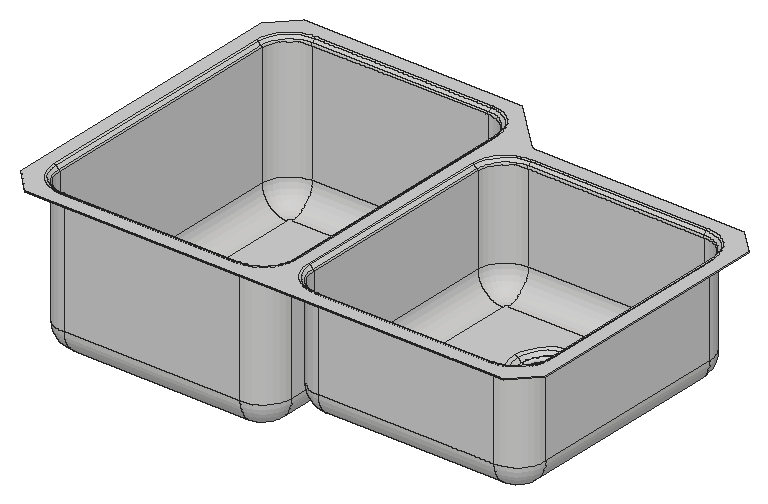
Revit family "Sink-Undermount-Kitchen-KOHLER-Undertone-K-3177", category Plumbing Fixtures, host Face, Revit 2017
Family settings
  Host = Face
  Round Connector Dimension = Use Diameter
  Part Type = Normal
  OmniClass Number = 23.31.13.00
  OmniClass Title = Sinks
  Cut with Voids When Loaded = No
  Shared = No
  Room Calculation Point = No
Parameters (values of type "NA-Stainless Steel")
  Width = 31 1/2"  # constant formula
  WaterSense Certified = 1 = 0  # no
  Waste Water Outlet 2 = "Waste Water Outlet 2"  # constant formula
  Waste Water Outlet 1 = "Waste Water Outlet 1"  # constant formula
  Waste Connection = 1 = 1  # yes
  Vent Connection = 1 = 0  # no
  URL = "https://www.us.kohler.com/us/"
  Type = 1
  Product Page URL = "http://www.us.kohler.com/us/catalog/productDetails.jsp?productId=3177"
  Product Name = "Undertone"  # constant formula
  Product Documentation Link = "https://www.us.kohler.com/webassets/kpna/catalog/pdf/en/K-3177_spec_US-CA_Kohler_en.pdf"
  Model = "K-3177-NA"  # constant formula
  Material = "Premium 18-gauge stainless steel"  # constant formula
  Master Format 2014 Name = "Residential Lavatories and Sinks"  # constant formula
  Master Format 2014 = "22 41 16"  # constant formula
  Manufacturer Address = "444 Highland Dr, Kohler, WI 53044"  # constant formula
  Manufacturer = "KOHLER Co."  # constant formula
  Length = 20 7/8"  # constant formula
  Hot Water Inlet = "Hot Water Inlet"  # constant formula
  Height = 9 1/2"  # constant formula
  HW Connection = 1 = 0  # no
  Finish = Kohler-Metal-NA-Stainless
  Environmental Product Declaration = ""
  Drain Included = 1 = 0  # no
  Description = "31-1/2 inch x 20-7/8 inch x 9-1/2 inch Undermount large/medium double-bowl kitchen sink"  # constant formula
  Default Elevation = 36"
  Declare Label = ""
  Date Modified = "12/22/2020"  # constant formula
  Date Created = "12/22/2020"  # constant formula
  Copyright = "Copyright KOHLER Co."  # constant formula
  Contact Us = "https://www.us.kohler.com/us/static/contact.jsp"
  Cold Water Inlet = "Cold Water Inlet"  # constant formula
  CW Connection = 1 = 0  # no
  Assembly Code = "D2010400"
  ADA Compliant = 1 = 0  # no
Reference planes (in)
  plane 1 "Center (Front/Back)": y = 0
  plane 2: z = 0
  plane 3 "Center (Left/Right)": x = 0
  plane 4: y = 10.4375
  plane 5: y = -10.4375
  plane 6: x = 15.75
  plane 7: x = -15.75
  plane 8: y = 7.5625
  plane 9: y = 9.3125
  plane 10: y = -9.3125
  plane 11: x = 14.625
  plane 12: x = -14.625
  plane 13: y = 1.4375
  plane 14: x = -7.625
  plane 15: x = 7.625
  plane 16: z = -10.5
  plane 17: z = -13.452
  plane 18: z = -11.45223
  plane 19: z = -8.5
  plane 20: z = -1
  plane 21: z = -1.048
Forms (in)
  Extrusion 1, void
    sketch origin (0, 0, 0) x (1, 0, 0) y (0, 1, 0)
      loop
        line (-14.35, 10.4375) -> (-15.75, 9.0375) -> (-15.75, -9.0425) -> (-14.35, -10.4425) -> (14.35, -10.4425) -> (15.75, -9.0425) -> (15.75, 6.1575) -> (14.35, 7.5575) -> (2.04421, 7.5575)
        arc (2.04421, 7.5575) -> (1.66153, 7.63362) -> (1.33711, 7.85039) r 1
        line (1.33711, 7.85039) -> (-1.25, 10.4375) -> (-14.35, 10.4375)
    from -13.452 to -1
  Extrusion 2, void
    sketch origin (0, 0, 0) x (1, 0, 0) y (0, 1, 0)
      loop
        arc (-12.86606, 9.35267) -> (-14.11769, 8.83423) -> (-14.63613, 7.5826) r 1.77007
        line (-14.63613, 7.5826) -> (-14.63613, -7.55991)
        arc (-14.63613, -7.55991) -> (-14.12212, -8.80084) -> (-12.88119, -9.31485) r 1.75494
        line (-12.88119, -9.31485) -> (12.87406, -9.31485)
        arc (12.87406, -9.31485) -> (14.11216, -8.80202) -> (14.625, -7.56391) r 1.75094
        line (14.625, -7.56391) -> (14.625, 4.67568)
        arc (14.625, 4.67568) -> (14.11244, 5.91312) -> (12.875, 6.42568) r 1.75
        line (12.875, 6.42568) -> (0.62399, 6.42568)
        arc (0.62399, 6.42568) -> (-0.24306, 6.77528) -> (-0.62512, 7.62852) r 1.25
        arc (-0.62512, 7.62852) -> (-1.13011, 8.84768) -> (-2.34927, 9.35267) r 1.72415
        line (-2.34927, 9.35267) -> (-12.86606, 9.35267)
    from -1 to 2.19289
Dimensions and locks (in)
  "Length": plane 5 to plane 4
  "Width": plane 7 to plane 6
  plane 13 to plane 4 = 9"
  plane 13 to plane 8 = 6 1/8"
  plane 5 to plane 8 = 18"
  plane 14 to plane 15 = 15 1/4"
  locked: level to plane 20 at 1
  "Height": plane 20 to plane 16
  locked: plane 20 to plane 19 at 7.5
  plane 9 to plane 4 = 1 1/8"
  plane 16 to plane 20 = 9 1/2"
  aligned and locked: plane 2 to host face
  aligned and locked: level to host face
Automatic sketch dimensions
  host sketch curve to host sketch curve = 96"  (x2)
  Extrusion 1 sketch curve to plane 7 = 0"
  plane 4 to Extrusion 1 sketch curve = 0"
  Extrusion 1 sketch curve to plane 6 = 0"
  Extrusion 1 sketch curve to plane 12 = 0.275"  (x2)
  Extrusion 1 sketch curve to plane 5 = 0.005"
  Extrusion 1 sketch curve to plane 3 "Center (Left/Right)" = 1 1/4"
  Extrusion 1 sketch curve to plane 8 = 0.28789"
  plane 3 "Center (Left/Right)" to Extrusion 1 sketch curve = 1.33711"
  Extrusion 1 sketch curve to Extrusion 1 sketch curve = 0.70711"
  plane 11 to Extrusion 1 sketch curve = 0.275"  (x2)
  plane 8 to Extrusion 1 sketch curve = 0.005"
  Extrusion 1 sketch curve to plane 10 = 0.27"  (x2)
  plane 8 to Extrusion 1 sketch curve = 1.405"
  plane 9 to Extrusion 1 sketch curve = 0.275"
  Extrusion 2 sketch curve to plane 11 = 0"
  plane 8 to Extrusion 2 sketch curve = 1.13682"
  plane 11 to Extrusion 2 sketch curve = 1 3/4"
  plane 10 to Extrusion 2 sketch curve = 0.00235"
  plane 11 to Extrusion 2 sketch curve = 1.75094"
  plane 3 "Center (Left/Right)" to Extrusion 2 sketch curve = 0.62399"
  Extrusion 2 sketch curve to plane 8 = 0.06602"
  Extrusion 2 sketch curve to plane 3 "Center (Left/Right)" = 2.34927"
  Extrusion 2 sketch curve to plane 9 = 0.04017"
  Extrusion 2 sketch curve to plane 12 = 1.75894"
  Extrusion 2 sketch curve to plane 12 = 1.74381"
  plane 12 to Extrusion 2 sketch curve = 0.01113"
Nested families (in)
  nested 1: "K-3177" at (0, 0, 0), type "K-3177"
Connectors (in)
  piping at (-7.625, 1.4375, -13.45261), diameter 1.5, driven by "Waste Connection", driven by "Waste Water Outlet 1"
    settings: on nested 1, index 1, connector inside diameter 24", connector length 0", flow factor 0, pipe flow 0 GPM, pressure drop 0.00 psi, fitting loss kfactor 0, connector angle 0.00°, fixture units 0, engagement length 0", angle of deflection 0.00°, flow configuration 0, flow direction 2, fitting loss method 0, system type 16, joint type 0, gender type 0, connector reference index -1, connector utility 1, adjustable connector no, is connector primary yes, connector description "Waste Water Outlet 1"
  piping at (7.625, 1.4375, -11.45606), diameter 1.5, driven by "Waste Connection", driven by "Waste Water Outlet 2"
    settings: on nested 1, index 2, connector inside diameter 24", connector length 0", flow factor 0, pipe flow 0 GPM, pressure drop 0.00 psi, fitting loss kfactor 0, connector angle 0.00°, fixture units 0, engagement length 0", angle of deflection 0.00°, flow configuration 0, flow direction 2, fitting loss method 0, system type 16, joint type 0, gender type 0, connector reference index -1, connector utility 1, adjustable connector no, is connector primary no, connector description "Waste Water Outlet 2"
Definition of nested family "K-3177"
  Parameters (values of type "K-3177")
    Material = none
  Reference planes (in)
    plane 1 "Center (Front/Back)": y = 0
    plane 2: z = 0
    plane 3 "Center (Left/Right)": x = 0
    plane 4: y = 10.4375
    plane 5: y = -10.4375
    plane 6: x = -15.75
    plane 7: x = 15.75
    plane 8: z = -1
    plane 9: z = -1.048
    plane 10: z = -10.5
    plane 11: z = -8.5
    plane 12: y = 7.5625
    plane 13: x = -7.625
    plane 14: x = 7.625
    plane 15: y = 1.4375
    plane 16: y = 9.3125
    plane 17: y = -9.3125
    plane 18: x = 14.625
    plane 19: x = -14.625
    plane 20: z = -13.452
    plane 21: z = -11.45223
  Forms (in)
    Sweep 1, solid, material <- "Material", detail levels medium+fine
      path origin (0, 0, 0) x (1, 0, 0) y (0, 1, 0)
        loop
          arc (-12.89273, 9.62711) -> (-14.34009, 9.02759) -> (-14.93961, 7.58023) r 2.04688
          line (-14.93961, 7.58023) -> (-14.93961, -7.58523)
          arc (-14.93961, -7.58523) -> (-14.34009, -9.03259) -> (-12.89273, -9.63211) r 2.04688
          line (-12.89273, -9.63211) -> (-2.35727, -9.63211)
          arc (-2.35727, -9.63211) -> (-0.90991, -9.03259) -> (-0.31039, -7.58523) r 2.04688
          line (-0.31039, -7.58523) -> (-0.31039, 7.58023)
          arc (-0.31039, 7.58023) -> (-0.90991, 9.02759) -> (-2.35727, 9.62711) r 2.04688
          line (-2.35727, 9.62711) -> (-12.89273, 9.62711)
      profile origin (-7.625, -9.63211, 0) x (0, -1, 0) y (0, 0, 1)
        loop
          arc (-0.12856, -1.07883) -> (-0.09441, -1.05601) -> (-0.05412, -1.048) r 0.10527
          line (-0.05412, -1.048) -> (0.01285, -1.048) -> (0.01285, -1) -> (-0.053, -1)
          arc (-0.053, -1) -> (-0.11122, -1.01158) -> (-0.16058, -1.04456) r 0.15215
          line (-0.16058, -1.04456) -> (-0.32041, -1.20439)
          arc (-0.32041, -1.20439) -> (-0.35451, -1.25543) -> (-0.36648, -1.31563) r 0.15732
          line (-0.36648, -1.31563) -> (-0.36648, -8.56687)
          arc (-0.36648, -8.56687) -> (-0.80582, -9.62754) -> (-1.86648, -10.06687) r 1.5
          line (-1.86648, -10.06687) -> (-2.03937, -10.06687) -> (-2.03937, -10.11449) -> (-1.85522, -10.11449)
          arc (-1.85522, -10.11449) -> (-0.76938, -9.66472) -> (-0.31961, -8.57888) r 1.53561
          line (-0.31961, -8.57888) -> (-0.31961, -1.31563)
          arc (-0.31961, -1.31563) -> (-0.3112, -1.27336) -> (-0.28726, -1.23753) r 0.11044
          line (-0.28726, -1.23753) -> (-0.12856, -1.07883)
    Sweep 2, solid, material <- "Material", detail levels medium+fine
      path origin (0, 0, 0) x (1, 0, 0) y (0, 1, 0)
        loop
          arc (2.35727, 6.74711) -> (0.90991, 6.14759) -> (0.31039, 4.70023) r 2.04688
          line (0.31039, 4.70023) -> (0.31039, -7.58628)
          arc (0.31039, -7.58628) -> (0.9096, -9.0329) -> (2.35622, -9.63211) r 2.04583
          line (2.35622, -9.63211) -> (12.89273, -9.63211)
          arc (12.89273, -9.63211) -> (14.34009, -9.03259) -> (14.93961, -7.58523) r 2.04688
          line (14.93961, -7.58523) -> (14.93961, 4.70023)
          arc (14.93961, 4.70023) -> (14.34009, 6.14759) -> (12.89273, 6.74711) r 2.04688
          line (12.89273, 6.74711) -> (2.35727, 6.74711)
      profile origin (14.93961, -1.4425, 0) x (1, 0, 0) y (0, 0, 1)
        loop
          arc (-0.12328, -1.07855) -> (-0.08944, -1.05594) -> (-0.04952, -1.048) r 0.1043
          line (-0.04952, -1.048) -> (0.06705, -1.048) -> (0.06705, -1) -> (-0.0484, -1)
          arc (-0.0484, -1) -> (-0.10625, -1.01151) -> (-0.1553, -1.04428) r 0.15118
          line (-0.1553, -1.04428) -> (-0.31675, -1.20573)
          arc (-0.31675, -1.20573) -> (-0.34986, -1.25528) -> (-0.36148, -1.31373) r 0.15272
          line (-0.36148, -1.31373) -> (-0.36148, -6.58121)
          arc (-0.36148, -6.58121) -> (-0.79873, -7.63682) -> (-1.85433, -8.07406) r 1.49285
          line (-1.85433, -8.07406) -> (-2.01167, -8.07406) -> (-2.01167, -8.12093) -> (-1.85433, -8.12093)
          arc (-1.85433, -8.12093) -> (-0.76558, -7.66996) -> (-0.31461, -6.58121) r 1.53972
          line (-0.31461, -6.58121) -> (-0.31461, -1.31373)
          arc (-0.31461, -1.31373) -> (-0.30655, -1.27322) -> (-0.28361, -1.23888) r 0.10585
          line (-0.28361, -1.23888) -> (-0.12328, -1.07855)
    Extrusion 3, solid, material <- "Material", detail levels medium+fine
      sketch origin (0, 0, 0) x (1, 0, 0) y (0, 1, 0)
        loop
          line (-14.35, 10.4375) -> (-15.75, 9.0375) -> (-15.75, -9.0425) -> (-14.35, -10.4425) -> (14.35, -10.4425) -> (15.75, -9.0425) -> (15.75, 6.1575) -> (14.35, 7.5575) -> (2.04421, 7.5575)
          arc (2.04421, 7.5575) -> (1.66153, 7.63362) -> (1.33711, 7.85039) r 1
          line (1.33711, 7.85039) -> (-1.25, 10.4375) -> (-14.35, 10.4375)
        loop
          line (-2.35727, 9.63996) -> (-12.89273, 9.63996)
          arc (-12.89273, 9.63996) -> (-14.34918, 9.03668) -> (-14.95246, 7.58023) r 2.05973
          line (-14.95246, 7.58023) -> (-14.95246, -7.58523)
          arc (-14.95246, -7.58523) -> (-14.34918, -9.04168) -> (-12.89273, -9.64496) r 2.05973
          line (-12.89273, -9.64496) -> (-2.35727, -9.64496)
          arc (-2.35727, -9.64496) -> (-0.90082, -9.04168) -> (-0.29754, -7.58523) r 2.05973
          line (-0.29754, -7.58523) -> (-0.29754, 7.58023)
          arc (-0.29754, 7.58023) -> (-0.90082, 9.03668) -> (-2.35727, 9.63996) r 2.05973
        loop
          line (0.24334, 4.70023) -> (0.24334, -7.58628)
          arc (0.24334, -7.58628) -> (0.86219, -9.08031) -> (2.35622, -9.69916) r 2.11288
          line (2.35622, -9.69916) -> (12.89273, -9.69916)
          arc (12.89273, -9.69916) -> (14.3875, -9.08) -> (15.00666, -7.58523) r 2.11392
          line (15.00666, -7.58523) -> (15.00666, 4.70023)
          arc (15.00666, 4.70023) -> (14.3875, 6.195) -> (12.89273, 6.81416) r 2.11392
          line (12.89273, 6.81416) -> (2.35727, 6.81416)
          arc (2.35727, 6.81416) -> (0.8625, 6.195) -> (0.24334, 4.70023) r 2.11392
      from -1.048 to -1
    Revolve 4, solid, material <- "Material", detail levels medium+fine
      sketch origin (-30.52316, 1.4375, 48) x (-1, 0, 0) y (0, 0, 1)
        loop
          line (-20.50727, -58.23141) -> (-22.89816, -58.23141) -> (-22.89816, -61.452) -> (-22.03196, -61.452)
          arc (-22.03196, -61.452) -> (-21.94265, -61.41501) -> (-21.90566, -61.32571) r 0.12629
          line (-21.90566, -61.32571) -> (-21.90566, -60.962) -> (-21.98595, -60.962) -> (-21.95951, -60.94416) -> (-22.01696, -60.90541) -> (-21.95951, -60.86666) -> (-22.01632, -60.82833) -> (-21.95951, -60.79001) -> (-21.95951, -60.51905)
          arc (-21.95951, -60.51905) -> (-21.89194, -60.30478) -> (-21.7137, -60.168) r 0.37358
          line (-21.7137, -60.168) -> (-21.33655, -60.03073)
          arc (-21.33655, -60.03073) -> (-21.27891, -59.98588) -> (-21.25839, -59.91579) r 0.11885
          line (-21.25839, -59.91579) -> (-21.21412, -59.87153) -> (-21.21412, -59.762) -> (-20.60798, -59.762) -> (-20.64948, -59.52666)
          arc (-20.64948, -59.52666) -> (-20.67624, -59.48031) -> (-20.72653, -59.462) r 0.07825
          line (-20.72653, -59.462) -> (-21.21412, -59.462) -> (-21.21412, -59.24387) -> (-20.64816, -59.24387) -> (-20.64816, -59.12387) -> (-21.21412, -59.12387) -> (-21.21412, -58.86825) -> (-20.64816, -58.86825) -> (-20.64816, -58.74325) -> (-21.21412, -58.74325) -> (-21.21412, -58.5) -> (-21.02603, -58.5) -> (-20.61426, -58.35012)
          arc (-20.61426, -58.35012) -> (-20.59859, -58.34144) -> (-20.58637, -58.32834) r 0.05726
          line (-20.58637, -58.32834) -> (-20.5413, -58.26152)
          arc (-20.5413, -58.26152) -> (-20.5262, -58.2443) -> (-20.50727, -58.23141) r 0.09077
        axis (-22.89816, -61.452) -> (-22.89816, -58.23141)
      angle from 0 to 360
    Blend 5, solid, material <- "Material", detail levels medium+fine
      base sketch origin (0, 0, 0) x (1, 0, 0) y (0, 1, 0)
        loop
          circle (-7.625, 1.4375) r 2.38433
      top sketch origin (0, 0, 0) x (1, 0, 0) y (0, 1, 0)
        loop
          line (-12.95324, -7.64574) -> (-2.29676, -7.64574) -> (-2.29676, 7.64074) -> (-12.95324, 7.64074) -> (-12.95324, -7.64574)
      from -10.24703 to -10.09414
    Revolve 6, void
      sketch origin (-45.77316, 1.4375, 46) x (-1, 0, 0) y (0, 0, 1)
        loop
          line (-39.74236, -56.55969) -> (-39.74236, -57.7686)
          arc (-39.74236, -57.7686) -> (-39.70591, -57.89009) -> (-39.60861, -57.97146) r 0.22072
          line (-39.60861, -57.97146) -> (-39.11128, -58.1847) -> (-38.96946, -58.47547) -> (-38.946, -58.81093) -> (-38.90765, -58.89316) -> (-38.86284, -59.212) -> (-38.14816, -59.212) -> (-38.14816, -55.83943) -> (-40.39816, -55.83943) -> (-40.39816, -56.06687) -> (-40.27427, -56.06687)
          arc (-40.27427, -56.06687) -> (-40.1786, -56.08591) -> (-40.09749, -56.1401) r 0.25
          line (-40.09749, -56.1401) -> (-39.78793, -56.44966)
          arc (-39.78793, -56.44966) -> (-39.7542, -56.50014) -> (-39.74236, -56.55969) r 0.15561
        axis (-38.14816, -59.212) -> (-38.14816, -55.83943)
      angle from 0 to 360
    Extrusion 7, solid, material <- "Material", detail levels medium+fine
      sketch origin (0, 0, 0) x (1, 0, 0) y (0, 1, 0)
        loop
          line (-2.29676, 7.64074) -> (-12.95324, 7.64074) -> (-12.95324, -7.64574) -> (-2.29676, -7.64574) -> (-2.29676, 7.64074)
      from -10.11449 to -10.06687
    Revolve 8, solid, detail levels medium+fine
      sketch origin (-30.52316, 1.4375, 48.15625) x (-1, 0, 0) y (0, 0, 1)
        loop
          line (-22.89926, -58.45487) -> (-22.89926, -59.37683) -> (-21.50298, -59.37683)
          arc (-21.50298, -59.37683) -> (-21.41658, -59.34236) -> (-21.37764, -59.25788) r 0.12552
          line (-21.37764, -59.25788) -> (-21.34575, -58.64957)
          arc (-21.34575, -58.64957) -> (-21.30721, -58.56595) -> (-21.22168, -58.53183) r 0.12424
          line (-21.22168, -58.53183) -> (-21.16729, -58.53183)
          arc (-21.16729, -58.53183) -> (-21.14838, -58.51292) -> (-21.16729, -58.49402) r 0.01891
          line (-21.16729, -58.49402) -> (-21.20833, -58.49402)
          arc (-21.20833, -58.49402) -> (-21.32398, -58.54016) -> (-21.37611, -58.65323) r 0.16801
          line (-21.37611, -58.65323) -> (-21.40782, -59.25832)
          arc (-21.40782, -59.25832) -> (-21.4368, -59.32118) -> (-21.50109, -59.34683) r 0.09339
          line (-21.50109, -59.34683) -> (-22.75083, -59.34683) -> (-22.75083, -58.68887)
          arc (-22.75083, -58.68887) -> (-22.73894, -58.66015) -> (-22.71022, -58.64826) r 0.04061
          line (-22.71022, -58.64826) -> (-22.55867, -58.64826)
          arc (-22.55867, -58.64826) -> (-22.53377, -58.63795) -> (-22.52346, -58.61305) r 0.03521
          line (-22.52346, -58.61305) -> (-22.52346, -58.53345)
          arc (-22.52346, -58.53345) -> (-22.53219, -58.50843) -> (-22.5546, -58.49427) r 0.04022
          arc (-22.5546, -58.49427) -> (-22.72581, -58.46475) -> (-22.89926, -58.45487) r 1.52712
        axis (-22.89926, -59.37683) -> (-22.89926, -58.45487)
      angle from 0 to 360
    Extrusion 9, void
      sketch origin (0, 0, 0) x (1, 0, 0) y (0, 1, 0)
        loop
          circle (-7.62598, 2.75349) r 0.09488
        loop
          circle (-7.91138, 2.72349) r 0.09488
        loop
          circle (-8.17961, 2.62587) r 0.09488
        loop
          circle (-8.42914, 2.46994) r 0.09488
        loop
          circle (-8.6281, 2.27099) r 0.09488
        loop
          circle (-8.77516, 2.02623) r 0.09488
        loop
          circle (-8.87157, 1.76136) r 0.09488
        loop
          circle (-8.9074, 1.46953) r 0.09488
        loop
          circle (-8.57977, 1.46953) r 0.09488
        loop
          circle (-8.52796, 1.76864) r 0.09488
        loop
          circle (-8.3977, 2.03569) r 0.09488
        loop
          circle (-8.18723, 2.24616) r 0.09488
        loop
          circle (-7.9246, 2.3837) r 0.09488
        loop
          circle (-7.625, 2.43) r 0.09488
        loop
          circle (-7.625, 2.09695) r 0.09488
        loop
          circle (-7.93704, 2.01334) r 0.09488
        loop
          circle (-8.16644, 1.78395) r 0.09488
        loop
          circle (-8.25009, 1.47176) r 0.09488
        loop
          circle (-7.33862, 2.72349) r 0.09488
        loop
          circle (-7.07039, 2.62587) r 0.09488
        loop
          circle (-6.82086, 2.46994) r 0.09488
        loop
          circle (-6.6219, 2.27099) r 0.09488
        loop
          circle (-6.47484, 2.02623) r 0.09488
        loop
          circle (-6.37843, 1.76136) r 0.09488
        loop
          circle (-6.3426, 1.46953) r 0.09488
        loop
          circle (-6.67023, 1.46953) r 0.09488
        loop
          circle (-6.72204, 1.76864) r 0.09488
        loop
          circle (-6.8523, 2.03569) r 0.09488
        loop
          circle (-7.06277, 2.24616) r 0.09488
        loop
          circle (-7.3254, 2.3837) r 0.09488
        loop
          circle (-7.31296, 2.01334) r 0.09488
        loop
          circle (-7.08356, 1.78395) r 0.09488
        loop
          circle (-6.99991, 1.47176) r 0.09488
        loop
          circle (-7.62598, 0.12151) r 0.09488
        loop
          circle (-7.91138, 0.15151) r 0.09488
        loop
          circle (-8.17961, 0.24913) r 0.09488
        loop
          circle (-8.42914, 0.40506) r 0.09488
        loop
          circle (-8.6281, 0.60401) r 0.09488
        loop
          circle (-8.77516, 0.84877) r 0.09488
        loop
          circle (-8.87157, 1.11364) r 0.09488
        loop
          circle (-8.52796, 1.10636) r 0.09488
        loop
          circle (-8.3977, 0.83931) r 0.09488
        loop
          circle (-8.18723, 0.62884) r 0.09488
        loop
          circle (-7.9246, 0.4913) r 0.09488
        loop
          circle (-7.625, 0.445) r 0.09488
        loop
          circle (-7.625, 0.77805) r 0.09488
        loop
          circle (-7.93704, 0.86166) r 0.09488
        loop
          circle (-8.16644, 1.09105) r 0.09488
        loop
          circle (-7.33862, 0.15151) r 0.09488
        loop
          circle (-7.07039, 0.24913) r 0.09488
        loop
          circle (-6.82086, 0.40506) r 0.09488
        loop
          circle (-6.6219, 0.60401) r 0.09488
        loop
          circle (-6.47484, 0.84877) r 0.09488
        loop
          circle (-6.37843, 1.11364) r 0.09488
        loop
          circle (-6.72204, 1.10636) r 0.09488
        loop
          circle (-6.8523, 0.83931) r 0.09488
        loop
          circle (-7.06277, 0.62884) r 0.09488
        loop
          circle (-7.3254, 0.4913) r 0.09488
        loop
          circle (-7.31296, 0.86166) r 0.09488
        loop
          circle (-7.08356, 1.09105) r 0.09488
      from -11.462 to -9.42026
    Revolve 10, solid, material <- "Material", detail levels medium+fine
      sketch origin (-41.88219, 1.4375, 45.9932) x (-1, 0, 0) y (0, 0, 1)
        loop
          line (-36.21219, -57.3802) -> (-36.30689, -57.3802) -> (-36.33571, -57.40902) -> (-36.33571, -58.1302) -> (-36.45271, -58.1302) -> (-36.45271, -58.21414)
          arc (-36.45271, -58.21414) -> (-36.42794, -58.27393) -> (-36.36815, -58.2987) r 0.08456
          line (-36.36815, -58.2987) -> (-36.21219, -58.2987) -> (-36.21219, -57.3802)
        axis (-36.21219, -58.2987) -> (-36.21219, -57.3802)
      angle from 0 to 360
    Revolve 11, solid, material <- "Material", detail levels medium+fine
      sketch origin (-44.42324, -0.21992, 45.52363) x (-1, 0, 0) y (0, 0, 1)
        loop
          line (-35.82074, -56.91063) -> (-35.91544, -56.91063) -> (-35.94427, -56.93945) -> (-35.94427, -57.66063) -> (-36.06126, -57.66063) -> (-36.06126, -57.74457)
          arc (-36.06126, -57.74457) -> (-36.0365, -57.80436) -> (-35.9767, -57.82913) r 0.08456
          line (-35.9767, -57.82913) -> (-35.82074, -57.82913) -> (-35.82074, -56.91063)
        axis (-35.82074, -57.82913) -> (-35.82074, -56.91063)
      angle from 0 to 360
    Revolve 12, solid, material <- "Material", detail levels medium+fine
      sketch origin (-43.51565, 3.16681, 47.22934) x (-1, 0, 0) y (0, 0, 1)
        loop
          line (-34.91315, -58.61634) -> (-35.00785, -58.61634) -> (-35.03668, -58.64516) -> (-35.03668, -59.36634) -> (-35.15367, -59.36634) -> (-35.15367, -59.45028)
          arc (-35.15367, -59.45028) -> (-35.12891, -59.51007) -> (-35.06911, -59.53484) r 0.08456
          line (-35.06911, -59.53484) -> (-34.91315, -59.53484) -> (-34.91315, -58.61634)
        axis (-34.91315, -59.53484) -> (-34.91315, -58.61634)
      angle from 0 to 360
    Revolve 13, solid, material <- "Material", detail levels medium+fine
      sketch origin (-30.52316, 1.4375, 48) x (-1, 0, 0) y (0, 0, 1)
        loop
          line (-35.71791, -56.19234) -> (-38.14816, -56.19234) -> (-38.14816, -59.452) -> (-37.28196, -59.452)
          arc (-37.28196, -59.452) -> (-37.19265, -59.41501) -> (-37.15566, -59.32571) r 0.12629
          line (-37.15566, -59.32571) -> (-37.15566, -58.962) -> (-37.23595, -58.962) -> (-37.20951, -58.94416) -> (-37.26696, -58.90541) -> (-37.20951, -58.86666) -> (-37.26632, -58.82833) -> (-37.20951, -58.79001) -> (-37.20951, -58.51905)
          arc (-37.20951, -58.51905) -> (-37.14194, -58.30478) -> (-36.9637, -58.168) r 0.37358
          line (-36.9637, -58.168) -> (-36.58655, -58.03073)
          arc (-36.58655, -58.03073) -> (-36.52891, -57.98588) -> (-36.50839, -57.91579) r 0.11885
          line (-36.50839, -57.91579) -> (-36.46412, -57.87153) -> (-36.46412, -57.762) -> (-35.85798, -57.762) -> (-35.89948, -57.52666)
          arc (-35.89948, -57.52666) -> (-35.92624, -57.48031) -> (-35.97653, -57.462) r 0.07825
          line (-35.97653, -57.462) -> (-36.46412, -57.462) -> (-36.46412, -57.24388) -> (-35.89816, -57.24388) -> (-35.89816, -57.12388) -> (-36.46412, -57.12388) -> (-36.46412, -56.86825) -> (-35.89816, -56.86825) -> (-35.89816, -56.74325) -> (-36.46412, -56.74325) -> (-36.46412, -56.5) -> (-36.27603, -56.5) -> (-35.86426, -56.35012)
          arc (-35.86426, -56.35012) -> (-35.84859, -56.34144) -> (-35.83637, -56.32834) r 0.05726
          line (-35.83637, -56.32834) -> (-35.7913, -56.26152)
          arc (-35.7913, -56.26152) -> (-35.75845, -56.22285) -> (-35.71791, -56.19234) r 0.22952
        axis (-38.14816, -59.452) -> (-38.14816, -56.19234)
      angle from 0 to 360
    Revolve 14, solid, material <- "Material", detail levels medium+fine
      sketch origin (41.88219, 1.4375, 48.00882) x (1, 0, 0) y (0, 0, -1)
        loop
          line (-36.21219, 57.3802) -> (-36.21219, 58.2987) -> (-36.36815, 58.2987)
          arc (-36.36815, 58.2987) -> (-36.42794, 58.27393) -> (-36.45271, 58.21414) r 0.08456
          line (-36.45271, 58.21414) -> (-36.45271, 58.1302) -> (-36.33571, 58.1302) -> (-36.33571, 57.40902) -> (-36.30689, 57.3802) -> (-36.21219, 57.3802)
        axis (-36.21219, 58.2987) -> (-36.21219, 57.3802)
      angle from 0 to 360
    Revolve 15, solid, material <- "Material", detail levels medium+fine
      sketch origin (44.42324, -0.21992, 47.53925) x (1, 0, 0) y (0, 0, -1)
        loop
          line (-35.82074, 56.91063) -> (-35.82074, 57.82913) -> (-35.9767, 57.82913)
          arc (-35.9767, 57.82913) -> (-36.0365, 57.80436) -> (-36.06126, 57.74457) r 0.08456
          line (-36.06126, 57.74457) -> (-36.06126, 57.66063) -> (-35.94427, 57.66063) -> (-35.94427, 56.93945) -> (-35.91544, 56.91063) -> (-35.82074, 56.91063)
        axis (-35.82074, 57.82913) -> (-35.82074, 56.91063)
      angle from 0 to 360
    Revolve 16, solid, material <- "Material", detail levels medium+fine
      sketch origin (43.51565, 3.16681, 49.24496) x (1, 0, 0) y (0, 0, -1)
        loop
          line (-34.91315, 58.61634) -> (-34.91315, 59.53484) -> (-35.06911, 59.53484)
          arc (-35.06911, 59.53484) -> (-35.12891, 59.51007) -> (-35.15367, 59.45028) r 0.08456
          line (-35.15367, 59.45028) -> (-35.15367, 59.36634) -> (-35.03668, 59.36634) -> (-35.03668, 58.64516) -> (-35.00785, 58.61634) -> (-34.91315, 58.61634)
        axis (-34.91315, 59.53484) -> (-34.91315, 58.61634)
      angle from 0 to 360
    Extrusion 17, solid, material <- "Material", detail levels medium+fine
      sketch origin (0, 0, 0) x (1, 0, 0) y (0, 1, 0)
        loop
          line (2.32206, 4.73544) -> (2.32206, -7.62044) -> (12.92794, -7.62044) -> (12.92794, 4.73544) -> (2.32206, 4.73544)
      from -8.12093 to -8.07406
    Revolve 18, void
      sketch origin (-30.52316, 1.4375, 47.99356) x (-1, 0, 0) y (0, 0, 1)
        loop
          line (-39.74236, -56.55969) -> (-39.74236, -57.7686)
          arc (-39.74236, -57.7686) -> (-39.70591, -57.89009) -> (-39.60861, -57.97146) r 0.22072
          line (-39.60861, -57.97146) -> (-39.11128, -58.1847) -> (-38.96946, -58.47547) -> (-38.946, -58.81093) -> (-38.90765, -58.89316) -> (-38.86284, -59.212) -> (-38.14816, -59.212) -> (-38.14816, -55.83943) -> (-40.39816, -55.83943) -> (-40.39816, -56.06762) -> (-40.27353, -56.06762)
          arc (-40.27353, -56.06762) -> (-40.17785, -56.08665) -> (-40.09675, -56.14084) r 0.25
          line (-40.09675, -56.14084) -> (-39.78793, -56.44966)
          arc (-39.78793, -56.44966) -> (-39.7542, -56.50014) -> (-39.74236, -56.55969) r 0.15561
        axis (-38.14816, -59.212) -> (-38.14816, -55.83943)
      angle from 0 to 360
    Revolve 19, solid, detail levels medium+fine
      sketch origin (-15.27316, 1.4375, 50.15625) x (-1, 0, 0) y (0, 0, 1)
        loop
          line (-22.89926, -58.45487) -> (-22.89926, -59.37683) -> (-21.47652, -59.37683)
          arc (-21.47652, -59.37683) -> (-21.40931, -59.35002) -> (-21.37902, -59.28431) r 0.09763
          line (-21.37902, -59.28431) -> (-21.34575, -58.64957)
          arc (-21.34575, -58.64957) -> (-21.30721, -58.56595) -> (-21.22168, -58.53183) r 0.12424
          line (-21.22168, -58.53183) -> (-21.16729, -58.53183)
          arc (-21.16729, -58.53183) -> (-21.14838, -58.51292) -> (-21.16729, -58.49402) r 0.01891
          line (-21.16729, -58.49402) -> (-21.20833, -58.49402)
          arc (-21.20833, -58.49402) -> (-21.32398, -58.54016) -> (-21.37611, -58.65323) r 0.16801
          line (-21.37611, -58.65323) -> (-21.40942, -59.28874)
          arc (-21.40942, -59.28874) -> (-21.42844, -59.32999) -> (-21.47063, -59.34683) r 0.0613
          line (-21.47063, -59.34683) -> (-22.75083, -59.34683) -> (-22.75083, -58.68887)
          arc (-22.75083, -58.68887) -> (-22.73894, -58.66015) -> (-22.71022, -58.64826) r 0.04061
          line (-22.71022, -58.64826) -> (-22.55867, -58.64826)
          arc (-22.55867, -58.64826) -> (-22.53377, -58.63795) -> (-22.52346, -58.61305) r 0.03521
          line (-22.52346, -58.61305) -> (-22.52346, -58.53345)
          arc (-22.52346, -58.53345) -> (-22.53219, -58.50843) -> (-22.5546, -58.49427) r 0.04022
          arc (-22.5546, -58.49427) -> (-22.72581, -58.46475) -> (-22.89926, -58.45487) r 1.52712
        axis (-22.89926, -59.37683) -> (-22.89926, -58.45487)
      angle from 0 to 360
    Extrusion 20, void
      sketch origin (0, 0, 0) x (1, 0, 0) y (0, 1, 0)
        loop
          circle (7.61448, 2.75349) r 0.09488
        loop
          circle (7.32908, 2.72349) r 0.09488
        loop
          circle (7.06085, 2.62587) r 0.09488
        loop
          circle (6.81132, 2.46994) r 0.09488
        loop
          circle (6.61236, 2.27099) r 0.09488
        loop
          circle (6.4653, 2.02623) r 0.09488
        loop
          circle (6.36889, 1.76136) r 0.09488
        loop
          circle (6.33306, 1.46953) r 0.09488
        loop
          circle (6.66069, 1.46953) r 0.09488
        loop
          circle (6.71251, 1.76864) r 0.09488
        loop
          circle (6.84276, 2.03569) r 0.09488
        loop
          circle (7.05324, 2.24616) r 0.09488
        loop
          circle (7.31586, 2.3837) r 0.09488
        loop
          circle (7.61546, 2.43) r 0.09488
        loop
          circle (7.61546, 2.09695) r 0.09488
        loop
          circle (7.30342, 2.01334) r 0.09488
        loop
          circle (7.07402, 1.78395) r 0.09488
        loop
          circle (6.99037, 1.47176) r 0.09488
        loop
          circle (7.90184, 2.72349) r 0.09488
        loop
          circle (8.17007, 2.62587) r 0.09488
        loop
          circle (8.4196, 2.46994) r 0.09488
        loop
          circle (8.61856, 2.27099) r 0.09488
        loop
          circle (8.76562, 2.02623) r 0.09488
        loop
          circle (8.86203, 1.76136) r 0.09488
        loop
          circle (8.89786, 1.46953) r 0.09488
        loop
          circle (8.57023, 1.46953) r 0.09488
        loop
          circle (8.51842, 1.76864) r 0.09488
        loop
          circle (8.38816, 2.03569) r 0.09488
        loop
          circle (8.17769, 2.24616) r 0.09488
        loop
          circle (7.91506, 2.3837) r 0.09488
        loop
          circle (7.9275, 2.01334) r 0.09488
        loop
          circle (8.1569, 1.78395) r 0.09488
        loop
          circle (8.24055, 1.47176) r 0.09488
        loop
          circle (7.61448, 0.12151) r 0.09488
        loop
          circle (7.32908, 0.15151) r 0.09488
        loop
          circle (7.06085, 0.24913) r 0.09488
        loop
          circle (6.81132, 0.40506) r 0.09488
        loop
          circle (6.61236, 0.60401) r 0.09488
        loop
          circle (6.4653, 0.84877) r 0.09488
        loop
          circle (6.36889, 1.11364) r 0.09488
        loop
          circle (6.71251, 1.10636) r 0.09488
        loop
          circle (6.84276, 0.83931) r 0.09488
        loop
          circle (7.05324, 0.62884) r 0.09488
        loop
          circle (7.31586, 0.4913) r 0.09488
        loop
          circle (7.61546, 0.445) r 0.09488
        loop
          circle (7.61546, 0.77805) r 0.09488
        loop
          circle (7.30342, 0.86166) r 0.09488
        loop
          circle (7.07402, 1.09105) r 0.09488
        loop
          circle (7.90184, 0.15151) r 0.09488
        loop
          circle (8.17007, 0.24913) r 0.09488
        loop
          circle (8.4196, 0.40506) r 0.09488
        loop
          circle (8.61856, 0.60401) r 0.09488
        loop
          circle (8.76562, 0.84877) r 0.09488
        loop
          circle (8.86203, 1.11364) r 0.09488
        loop
          circle (8.51842, 1.10636) r 0.09488
        loop
          circle (8.38816, 0.83931) r 0.09488
        loop
          circle (8.17769, 0.62884) r 0.09488
        loop
          circle (7.91506, 0.4913) r 0.09488
        loop
          circle (7.9275, 0.86166) r 0.09488
        loop
          circle (8.1569, 1.09105) r 0.09488
      from -9.37137 to -4.93911
    Blend 21, solid, material <- "Material", detail levels medium+fine
      base sketch origin (0, 0, 0) x (1, 0, 0) y (0, 1, 0)
        loop
          circle (7.625, 1.4375) r 2.43025
      top sketch origin (0, 0, 0) x (1, 0, 0) y (0, 1, 0)
        loop
          line (2.32206, 4.73544) -> (2.32206, -7.62044) -> (12.92794, -7.62044) -> (12.92794, 4.73544) -> (2.32206, 4.73544)
      from -8.20476 to -8.11096
    Extrusion 22, solid, material <- "Material", detail levels coarse
      sketch origin (0, 0, 0) x (1, 0, 0) y (0, 1, 0)
        loop
          line (-14.625, 9.3125) -> (-14.625, -9.3125) -> (-0.62388, -9.3125) -> (-0.62388, 9.3125) -> (-14.625, 9.3125)
      from -10.24703 to -1.048
    Extrusion 23, solid, material <- "Material", detail levels coarse
      sketch origin (0, 0, 0) x (1, 0, 0) y (0, 1, 0)
        loop
          circle (-7.625, 1.4375) r 2.38433
      from -13.45193 to -10.11449
    Extrusion 24, solid, material <- "Material", detail levels coarse
      sketch origin (15.25, 0, 2.00563) x (1, 0, 0) y (0, 1, 0)
        loop
          circle (-7.625, 1.4375) r 2.38433
      from -13.46637 to -10.11449
    Extrusion 25, solid, material <- "Material", detail levels coarse
      sketch origin (0, 0, 0) x (1, 0, 0) y (0, 1, 0)
        loop
          line (0.64506, 6.42568) -> (0.64506, -9.3125) -> (14.625, -9.3125) -> (14.625, 6.42568) -> (0.64506, 6.42568)
      from -8.20476 to -1.048
    Extrusion 26, solid, material <- "Material", detail levels coarse
      sketch origin (0, 0, 0) x (1, 0, 0) y (0, 1, 0)
        loop
          line (-1.25, 10.4375) -> (-14.35, 10.4375) -> (-15.75, 9.0375) -> (-15.75, -9.0425) -> (-14.35, -10.4425) -> (14.35, -10.4425) -> (15.75, -9.0425) -> (15.75, 6.1575) -> (14.35, 7.5575) -> (2.04421, 7.5575)
          arc (2.04421, 7.5575) -> (1.66153, 7.63362) -> (1.33711, 7.85039) r 1
          line (1.33711, 7.85039) -> (-1.25, 10.4375)
      from -1.048 to -1
    Extrusion 27, void
      sketch origin (0, 0, 0) x (1, 0, 0) y (0, 1, 0)
        loop
          arc (-13.48159, 8.91797) -> (-14.01192, 8.6983) -> (-14.23159, 8.16797) r 0.75
          line (-14.23159, 8.16797) -> (-14.23159, -8.16797)
          arc (-14.23159, -8.16797) -> (-14.01192, -8.6983) -> (-13.48159, -8.91797) r 0.75
          line (-13.48159, -8.91797) -> (-1.76841, -8.91797)
          arc (-1.76841, -8.91797) -> (-1.23808, -8.6983) -> (-1.01841, -8.16797) r 0.75
          line (-1.01841, -8.16797) -> (-1.01841, 8.16797)
          arc (-1.01841, 8.16797) -> (-1.23808, 8.6983) -> (-1.76841, 8.91797) r 0.75
          line (-1.76841, 8.91797) -> (-13.48159, 8.91797)
      from -9.90825 to 1.11504
    Extrusion 28, void
      sketch origin (0, 0, 0) x (1, 0, 0) y (0, 1, 0)
        loop
          arc (1.78959, 6.03115) -> (1.25926, 5.81148) -> (1.03959, 5.28115) r 0.75
          line (1.03959, 5.28115) -> (1.03959, -8.16797)
          arc (1.03959, -8.16797) -> (1.25926, -8.6983) -> (1.78959, -8.91797) r 0.75
          line (1.78959, -8.91797) -> (13.48047, -8.91797)
          arc (13.48047, -8.91797) -> (14.0108, -8.6983) -> (14.23047, -8.16797) r 0.75
          line (14.23047, -8.16797) -> (14.23047, 5.28115)
          arc (14.23047, 5.28115) -> (14.0108, 5.81148) -> (13.48047, 6.03115) r 0.75
          line (13.48047, 6.03115) -> (1.78959, 6.03115)
      from -7.79453 to 1.11504
    Extrusion 29, solid, material <- "Material", detail levels medium+fine
      sketch origin (0, 0, 0) x (1, 0, 0) y (0, 1, 0)
        loop
          circle (-7.625, 1.4375) r 0.25
      from -13.45261 to -13.212
    Extrusion 30, solid, material <- "Material", detail levels medium+fine
      sketch origin (0, 0, 0) x (1, 0, 0) y (0, 1, 0)
        loop
          circle (7.625, 1.4375) r 0.25
      from -11.45606 to -11.21844
  Cuts and joins
    Revolve 18 cuts Sweep 1
    Revolve 18 cuts Sweep 2
    Revolve 18 cuts Extrusion 3
    Revolve 6, Revolve 18 cuts Revolve 4
    Revolve 6, Revolve 18 cuts Blend 5
    Revolve 6, Revolve 18 cuts Extrusion 7
    Revolve 18 cuts Revolve 13
    Revolve 18 cuts Extrusion 17
    Revolve 18 cuts Blend 21
    joined: Sweep 1, Sweep 2, Extrusion 3, Revolve 4, Blend 5, Extrusion 7, Revolve 10, Revolve 11, Revolve 12, Revolve 13, Revolve 14, Revolve 15, Revolve 16, Extrusion 17, Blend 21
    Extrusion 9 cuts Revolve 8
    Extrusion 20 cuts Revolve 19
    Extrusion 27 cuts Extrusion 22
    Extrusion 28 cuts Extrusion 25
    Extrusion 27, Extrusion 28 cuts Extrusion 26
    joined: Extrusion 22, Extrusion 23, Extrusion 24, Extrusion 25, Extrusion 26
  Lines and regions (in)
    Masking region 1
      outline origin (0, 0, 0) x (1, 0, 0) y (0, 1, 0)
        loop
          line (-14.35, 10.4375) -> (-15.75, 9.0375) -> (-15.75, -9.0425) -> (-14.355, -10.4375) -> (14.355, -10.4375) -> (15.75, -9.0425) -> (15.75, 6.1575) -> (14.345, 7.5625) -> (2.03921, 7.5625)
          arc (2.03921, 7.5625) -> (1.65653, 7.63862) -> (1.33211, 7.85539) r 1
          line (1.33211, 7.85539) -> (-1.25, 10.4375) -> (-14.35, 10.4375)
    Masking region 2
      outline origin (0, 0, 0) x (0, 1, 0) y (0, 0, 1)
        loop
          line (10.4375, -1) -> (-10.4375, -1) -> (-10.4375, -1.048) -> (-9.58265, -1.048)
          arc (-9.58265, -1.048) -> (-9.53513, -1.05745) -> (-9.49485, -1.08437) r 0.12417
          line (-9.49485, -1.08437) -> (-9.34126, -1.23796)
          arc (-9.34126, -1.23796) -> (-9.31997, -1.26981) -> (-9.3125, -1.30739) r 0.0982
          line (-9.3125, -1.30739) -> (-9.3125, -8.60474)
          arc (-9.3125, -8.60474) -> (-8.88402, -9.65442) -> (-7.84339, -10.10442) r 1.5
          line (-7.84339, -10.10442) -> (-0.94907, -10.24641)
          arc (-0.94907, -10.24641) -> (-0.93194, -10.25117) -> (-0.91883, -10.26318) r 0.0381
          line (-0.91883, -10.26318) -> (-0.87712, -10.32501)
          arc (-0.87712, -10.32501) -> (-0.86231, -10.34089) -> (-0.84332, -10.35141) r 0.06936
          line (-0.84332, -10.35141) -> (-0.43463, -10.5) -> (-0.24654, -10.5) -> (-0.24654, -10.74325) -> (-0.8125, -10.74325) -> (-0.8125, -10.86825) -> (-0.24654, -10.86825) -> (-0.24654, -11.12388) -> (-0.8125, -11.12388) -> (-0.8125, -11.24388) -> (-0.24654, -11.24388) -> (-0.24654, -11.387) -> (-0.3162, -11.387) -> (-0.34503, -11.41583) -> (-0.34503, -11.462) -> (-0.73235, -11.462)
          arc (-0.73235, -11.462) -> (-0.78401, -11.4808) -> (-0.81149, -11.52841) r 0.08036
          line (-0.81149, -11.52841) -> (-0.85268, -11.762) -> (-0.34503, -11.762) -> (-0.34503, -12.137) -> (-0.46202, -12.137) -> (-0.46202, -12.22375)
          arc (-0.46202, -12.22375) -> (-0.43828, -12.28108) -> (-0.38095, -12.30482) r 0.08107
          line (-0.38095, -12.30482) -> (-0.06179, -12.30482)
          arc (-0.06179, -12.30482) -> (-0.00447, -12.28108) -> (0.01928, -12.22375) r 0.08107
          line (0.01928, -12.22375) -> (0.01928, -12.137) -> (-0.09772, -12.137) -> (-0.09772, -12.02815) -> (0.26162, -12.17333)
          arc (0.26162, -12.17333) -> (0.43399, -12.31291) -> (0.49884, -12.52502) r 0.37931
          line (0.49884, -12.52502) -> (0.49884, -12.79001) -> (0.55566, -12.82833) -> (0.49884, -12.86666) -> (0.5563, -12.90541) -> (0.49884, -12.94416) -> (0.52529, -12.962) -> (0.445, -12.962) -> (0.445, -13.32664)
          arc (0.445, -13.32664) -> (0.48162, -13.41505) -> (0.57004, -13.45168) r 0.12504
          line (0.57004, -13.45168) -> (1.4375, -13.45168) -> (2.30496, -13.45168)
          arc (2.30496, -13.45168) -> (2.39338, -13.41505) -> (2.43, -13.32664) r 0.12504
          line (2.43, -13.32664) -> (2.43, -12.962) -> (2.34971, -12.962) -> (2.37616, -12.94416) -> (2.3187, -12.90541) -> (2.37616, -12.86666) -> (2.31934, -12.82833) -> (2.37616, -12.79001) -> (2.37616, -12.52502)
          arc (2.37616, -12.52502) -> (2.44101, -12.31291) -> (2.61338, -12.17333) r 0.37931
          line (2.61338, -12.17333) -> (3.04303, -11.99974) -> (3.04303, -12.137) -> (2.92603, -12.137) -> (2.92603, -12.22375)
          arc (2.92603, -12.22375) -> (2.94978, -12.28108) -> (3.00711, -12.30482) r 0.08107
          line (3.00711, -12.30482) -> (3.32626, -12.30482)
          arc (3.32626, -12.30482) -> (3.38359, -12.28108) -> (3.40734, -12.22375) r 0.08107
          line (3.40734, -12.22375) -> (3.40734, -12.137) -> (3.29034, -12.137) -> (3.29034, -11.762) -> (3.72768, -11.762) -> (3.68649, -11.52841)
          arc (3.68649, -11.52841) -> (3.65901, -11.4808) -> (3.60735, -11.462) r 0.08036
          line (3.60735, -11.462) -> (3.29034, -11.462) -> (3.29034, -11.41583) -> (3.26151, -11.387) -> (3.12154, -11.387) -> (3.12154, -11.24388) -> (3.6875, -11.24388) -> (3.6875, -11.12388) -> (3.12154, -11.12388) -> (3.12154, -10.86825) -> (3.6875, -10.86825) -> (3.6875, -10.74325) -> (3.12154, -10.74325) -> (3.12154, -10.5) -> (3.30963, -10.5) -> (3.71832, -10.35141)
          arc (3.71832, -10.35141) -> (3.73731, -10.34089) -> (3.75212, -10.32501) r 0.06936
          line (3.75212, -10.32501) -> (3.79383, -10.26318)
          arc (3.79383, -10.26318) -> (3.80694, -10.25117) -> (3.82407, -10.24641) r 0.0381
          line (3.82407, -10.24641) -> (7.8654, -10.10381)
          arc (7.8654, -10.10381) -> (8.8917, -9.64653) -> (9.3125, -8.60474) r 1.5
          line (9.3125, -8.60474) -> (9.3125, -1.30739)
          arc (9.3125, -1.30739) -> (9.31997, -1.26981) -> (9.34126, -1.23796) r 0.0982
          line (9.34126, -1.23796) -> (9.49485, -1.08437)
          arc (9.49485, -1.08437) -> (9.53513, -1.05745) -> (9.58265, -1.048) r 0.12417
          line (9.58265, -1.048) -> (10.4375, -1.048) -> (10.4375, -1)
    Masking region 3
      outline origin (0, 0, 0) x (1, 0, 0) y (0, 0, 1)
        loop
          line (-15.75, -1) -> (-15.75, -1.048) -> (-14.88838, -1.048)
          arc (-14.88838, -1.048) -> (-14.84502, -1.05662) -> (-14.80826, -1.08118) r 0.1133
          line (-14.80826, -1.08118) -> (-14.6521, -1.23734)
          arc (-14.6521, -1.23734) -> (-14.63204, -1.26736) -> (-14.625, -1.30277) r 0.09253
          line (-14.625, -1.30277) -> (-14.625, -8.5832)
          arc (-14.625, -8.5832) -> (-14.21282, -9.61599) -> (-13.20279, -10.08118) r 1.5
          line (-13.20279, -10.08118) -> (-10.01176, -10.2469)
          arc (-10.01176, -10.2469) -> (-9.99558, -10.25161) -> (-9.9832, -10.26305) r 0.03675
          line (-9.9832, -10.26305) -> (-9.94175, -10.32452)
          arc (-9.94175, -10.32452) -> (-9.92736, -10.33994) -> (-9.90891, -10.35017) r 0.06741
          line (-9.90891, -10.35017) -> (-9.49713, -10.5) -> (-9.30904, -10.5) -> (-9.30904, -10.74325) -> (-9.875, -10.74325) -> (-9.875, -10.86825) -> (-9.30904, -10.86825) -> (-9.30904, -11.12388) -> (-9.875, -11.12388) -> (-9.875, -11.24388) -> (-9.30904, -11.24388) -> (-9.30904, -11.462) -> (-9.79571, -11.462)
          arc (-9.79571, -11.462) -> (-9.84671, -11.48056) -> (-9.87384, -11.52756) r 0.07934
          line (-9.87384, -11.52756) -> (-9.91518, -11.762) -> (-9.30904, -11.762) -> (-9.30904, -11.87153) -> (-9.26478, -11.91579)
          arc (-9.26478, -11.91579) -> (-9.24553, -11.98475) -> (-9.18921, -12.02896) r 0.11502
          line (-9.18921, -12.02896) -> (-8.8418, -12.15541) -> (-8.8418, -12.22752)
          arc (-8.8418, -12.22752) -> (-8.81917, -12.28215) -> (-8.76453, -12.30479) r 0.07727
          line (-8.76453, -12.30479) -> (-8.63583, -12.30479)
          arc (-8.63583, -12.30479) -> (-8.58211, -12.41699) -> (-8.56366, -12.54001) r 0.41941
          line (-8.56366, -12.54001) -> (-8.56366, -12.79001) -> (-8.50684, -12.82833) -> (-8.56366, -12.86666) -> (-8.5062, -12.90541) -> (-8.56366, -12.94416) -> (-8.53721, -12.962) -> (-8.6175, -12.962) -> (-8.6175, -13.32189)
          arc (-8.6175, -13.32189) -> (-8.57941, -13.41384) -> (-8.48746, -13.45193) r 0.13004
          line (-8.48746, -13.45193) -> (-7.625, -13.45193) -> (-6.76254, -13.45193)
          arc (-6.76254, -13.45193) -> (-6.67059, -13.41384) -> (-6.6325, -13.32189) r 0.13004
          line (-6.6325, -13.32189) -> (-6.6325, -12.962) -> (-6.71279, -12.962) -> (-6.68634, -12.94416) -> (-6.7438, -12.90541) -> (-6.68634, -12.86666) -> (-6.74316, -12.82833) -> (-6.68634, -12.79001) -> (-6.68634, -12.52426)
          arc (-6.68634, -12.52426) -> (-6.61722, -12.30504) -> (-6.43487, -12.16512) r 0.38219
          line (-6.43487, -12.16512) -> (-6.06079, -12.02896)
          arc (-6.06079, -12.02896) -> (-6.00447, -11.98475) -> (-5.98522, -11.91579) r 0.11502
          line (-5.98522, -11.91579) -> (-5.94096, -11.87153) -> (-5.94096, -11.762) -> (-5.79353, -11.762) -> (-5.79353, -12.137) -> (-5.91052, -12.137) -> (-5.91052, -12.21897)
          arc (-5.91052, -12.21897) -> (-5.88533, -12.2798) -> (-5.8245, -12.305) r 0.08602
          line (-5.8245, -12.305) -> (-5.51196, -12.305)
          arc (-5.51196, -12.305) -> (-5.45364, -12.28084) -> (-5.42948, -12.22251) r 0.08248
          line (-5.42948, -12.22251) -> (-5.42948, -12.137) -> (-5.54647, -12.137) -> (-5.54647, -11.762) -> (-5.33482, -11.762) -> (-5.37616, -11.52756)
          arc (-5.37616, -11.52756) -> (-5.40329, -11.48056) -> (-5.45429, -11.462) r 0.07934
          line (-5.45429, -11.462) -> (-5.54647, -11.462) -> (-5.54647, -11.41583) -> (-5.5753, -11.387) -> (-5.7647, -11.387) -> (-5.79353, -11.41583) -> (-5.79353, -11.462) -> (-5.94096, -11.462) -> (-5.94096, -11.24388) -> (-5.375, -11.24388) -> (-5.375, -11.12388) -> (-5.94096, -11.12388) -> (-5.94096, -10.86825) -> (-5.375, -10.86825) -> (-5.375, -10.74325) -> (-5.94096, -10.74325) -> (-5.94096, -10.5) -> (-5.75287, -10.5) -> (-5.34109, -10.35017)
          arc (-5.34109, -10.35017) -> (-5.32264, -10.33994) -> (-5.30825, -10.32452) r 0.06741
          line (-5.30825, -10.32452) -> (-5.2668, -10.26305)
          arc (-5.2668, -10.26305) -> (-5.25442, -10.25161) -> (-5.23824, -10.2469) r 0.03675
          line (-5.23824, -10.2469) -> (-2.04721, -10.08118)
          arc (-2.04721, -10.08118) -> (-1.03718, -9.61599) -> (-0.625, -8.5832) r 1.5
          line (-0.625, -8.5832) -> (-0.625, -1.30277)
          arc (-0.625, -1.30277) -> (-0.61796, -1.26736) -> (-0.5979, -1.23734) r 0.09253
          line (-0.5979, -1.23734) -> (-0.44174, -1.08118)
          arc (-0.44174, -1.08118) -> (-0.40498, -1.05662) -> (-0.36162, -1.048) r 0.1133
          line (-0.36162, -1.048) -> (0.36065, -1.048)
          arc (0.36065, -1.048) -> (0.39793, -1.05542) -> (0.42954, -1.07654) r 0.09743
          line (0.42954, -1.07654) -> (0.58929, -1.23628)
          arc (0.58929, -1.23628) -> (0.61579, -1.27594) -> (0.62509, -1.32273) r 0.12225
          line (0.62509, -1.32273) -> (0.62509, -6.60373)
          arc (0.62509, -6.60373) -> (1.04727, -7.64694) -> (2.07614, -8.10293) r 1.5
          line (2.07614, -8.10293) -> (5.19115, -8.20464)
          arc (5.19115, -8.20464) -> (5.22371, -8.21362) -> (5.24862, -8.23642) r 0.07217
          line (5.24862, -8.23642) -> (5.30825, -8.32482)
          arc (5.30825, -8.32482) -> (5.32264, -8.34025) -> (5.34109, -8.35047) r 0.06741
          line (5.34109, -8.35047) -> (5.75287, -8.50031) -> (5.94096, -8.50031) -> (5.94096, -8.74356) -> (5.375, -8.74356) -> (5.375, -8.86856) -> (5.94096, -8.86856) -> (5.94096, -9.12418) -> (5.375, -9.12418) -> (5.375, -9.24418) -> (5.94096, -9.24418) -> (5.94096, -9.46231) -> (5.79353, -9.46231) -> (5.79353, -9.40051) -> (5.7647, -9.37168) -> (5.5753, -9.37168) -> (5.54647, -9.40051) -> (5.54647, -9.46231) -> (5.45429, -9.46231)
          arc (5.45429, -9.46231) -> (5.40329, -9.48087) -> (5.37616, -9.52787) r 0.07934
          line (5.37616, -9.52787) -> (5.33482, -9.76231) -> (5.54647, -9.76231) -> (5.54647, -10.12168) -> (5.42948, -10.12168) -> (5.42948, -10.20719)
          arc (5.42948, -10.20719) -> (5.45364, -10.26552) -> (5.51196, -10.28968) r 0.08248
          line (5.51196, -10.28968) -> (5.8245, -10.28968)
          arc (5.8245, -10.28968) -> (5.88533, -10.26448) -> (5.91052, -10.20365) r 0.08602
          line (5.91052, -10.20365) -> (5.91052, -10.12168) -> (5.79353, -10.12168) -> (5.79353, -9.76231) -> (5.94096, -9.76231) -> (5.94096, -9.87184) -> (5.98522, -9.9161)
          arc (5.98522, -9.9161) -> (6.00447, -9.98506) -> (6.06079, -10.02927) r 0.11502
          line (6.06079, -10.02927) -> (6.42967, -10.16353)
          arc (6.42967, -10.16353) -> (6.6158, -10.30635) -> (6.68634, -10.5301) r 0.39009
          line (6.68634, -10.5301) -> (6.68634, -10.79032) -> (6.74316, -10.82864) -> (6.68634, -10.86696) -> (6.7438, -10.90572) -> (6.68634, -10.94447) -> (6.71279, -10.96231) -> (6.6325, -10.96231) -> (6.6325, -11.32219)
          arc (6.6325, -11.32219) -> (6.67059, -11.41415) -> (6.76254, -11.45223) r 0.13004
          line (6.76254, -11.45223) -> (7.625, -11.45223) -> (8.48746, -11.45223)
          arc (8.48746, -11.45223) -> (8.57941, -11.41415) -> (8.6175, -11.32219) r 0.13004
          line (8.6175, -11.32219) -> (8.6175, -10.96231) -> (8.53721, -10.96231) -> (8.56366, -10.94447) -> (8.5062, -10.90572) -> (8.56366, -10.86696) -> (8.50684, -10.82864) -> (8.56366, -10.79032) -> (8.56366, -10.52457)
          arc (8.56366, -10.52457) -> (8.58444, -10.40026) -> (8.64452, -10.28947) r 0.38219
          line (8.64452, -10.28947) -> (8.76453, -10.28947)
          arc (8.76453, -10.28947) -> (8.81917, -10.26684) -> (8.8418, -10.2122) r 0.07727
          line (8.8418, -10.2122) -> (8.8418, -10.15572) -> (9.18921, -10.02927)
          arc (9.18921, -10.02927) -> (9.24553, -9.98506) -> (9.26478, -9.9161) r 0.11502
          line (9.26478, -9.9161) -> (9.30904, -9.87184) -> (9.30904, -9.76231) -> (9.70353, -9.76231) -> (9.91518, -9.76231) -> (9.87384, -9.52787)
          arc (9.87384, -9.52787) -> (9.84671, -9.48087) -> (9.79571, -9.46231) r 0.07934
          line (9.79571, -9.46231) -> (9.70353, -9.46231) -> (9.30904, -9.46231) -> (9.30904, -9.24418) -> (9.875, -9.24418) -> (9.875, -9.12418) -> (9.30904, -9.12418) -> (9.30904, -8.86856) -> (9.875, -8.86856) -> (9.875, -8.74356) -> (9.30904, -8.74356) -> (9.30904, -8.50031) -> (9.49713, -8.50031) -> (9.90891, -8.35047)
          arc (9.90891, -8.35047) -> (9.92736, -8.34025) -> (9.94175, -8.32482) r 0.06741
          line (9.94175, -8.32482) -> (10.00353, -8.23323)
          arc (10.00353, -8.23323) -> (10.02584, -8.21281) -> (10.05501, -8.20477) r 0.06464
          line (10.05501, -8.20477) -> (13.17386, -8.10293)
          arc (13.17386, -8.10293) -> (14.20273, -7.64694) -> (14.62491, -6.60373) r 1.5
          line (14.62491, -6.60373) -> (14.62491, -1.32273)
          arc (14.62491, -1.32273) -> (14.63421, -1.27594) -> (14.66071, -1.23628) r 0.12225
          line (14.66071, -1.23628) -> (14.82046, -1.07654)
          arc (14.82046, -1.07654) -> (14.85207, -1.05542) -> (14.88935, -1.048) r 0.09743
          line (14.88935, -1.048) -> (15.75, -1.048) -> (15.75, -1) -> (-14, -1) -> (-15.75, -1)
    symbolic lines
      curve 1: line (-12.87612, 9.3125, 0) -> (-2.37388, 9.3125, 0)
      curve 2: line (-0.62388, 7.5625, 0) -> (-0.62388, -7.5625, 0)
      curve 3: arc (-2.37388, 9.3125, 0) -> (-1.13644, 8.79994, 0) -> (-0.62388, 7.5625, 0) r 1.75
      curve 4: line (-12.87612, -9.3125, 0) -> (-2.37388, -9.3125, 0)
      curve 5: line (-14.62612, 7.5625, 0) -> (-14.62612, -7.5625, 0)
      curve 6: arc (-12.87612, 9.3125, 0) -> (-14.11356, 8.79994, 0) -> (-14.62612, 7.5625, 0) r 1.75
      curve 7: arc (-14.62612, -7.5625, 0) -> (-14.11356, -8.79994, 0) -> (-12.87612, -9.3125, 0) r 1.75
      curve 8: arc (-0.62388, -7.5625, 0) -> (-1.13644, -8.79994, 0) -> (-2.37388, -9.3125, 0) r 1.75
      curve 9: line (2.39506, 6.42568, 0) -> (12.875, 6.42568, 0)
      curve 10: line (14.625, 4.67568, 0) -> (14.625, -7.5625, 0)
      curve 11: arc (12.875, 6.42568, 0) -> (14.11244, 5.91312, 0) -> (14.625, 4.67568, 0) r 1.75
      curve 12: line (0.64506, 4.67568, 0) -> (0.64506, -7.5625, 0)
      curve 13: line (2.39506, -9.3125, 0) -> (12.875, -9.3125, 0)
      curve 14: arc (2.39506, 6.42568, 0) -> (1.15762, 5.91312, 0) -> (0.64506, 4.67568, 0) r 1.75
      curve 15: arc (2.39506, -9.3125, 0) -> (1.15762, -8.79994, 0) -> (0.64506, -7.5625, 0) r 1.75
      curve 16: arc (14.625, -7.5625, 0) -> (14.11244, -8.79994, 0) -> (12.875, -9.3125, 0) r 1.75
      curve 33: arc (-9.49713, 1.4375, 0) -> (-7.625, 3.30963, 0) -> (-5.75287, 1.4375, 0) r 1.87213
      curve 35: arc (-5.75287, 1.4375, 0) -> (-7.625, -0.43463, 0) -> (-9.49713, 1.4375, 0) r 1.87213
      curve 157: arc (5.75287, 1.4375, 0) -> (7.625, 3.30963, 0) -> (9.49713, 1.4375, 0) r 1.87213
      curve 159: arc (9.49713, 1.4375, 0) -> (7.625, -0.43463, 0) -> (5.75287, 1.4375, 0) r 1.87213
    symbolic lines, detail levels medium+fine
      curve 17: line (-12.87612, 8.91797, 0) -> (-2.37388, 8.91797, 0)
      curve 18: arc (-12.87612, 8.91797, 0) -> (-13.83459, 8.52096, 0) -> (-14.23159, 7.5625, 0) r 1.35547
      curve 19: line (-14.23159, 7.5625, 0) -> (-14.23159, -7.5625, 0)
      curve 20: arc (-2.37388, 8.91797, 0) -> (-1.41541, 8.52096, 0) -> (-1.01841, 7.5625, 0) r 1.35547
      curve 21: line (-1.01841, 7.5625, 0) -> (-1.01841, -7.5625, 0)
      curve 22: arc (-14.23159, -7.5625, 0) -> (-13.83459, -8.52096, 0) -> (-12.87612, -8.91797, 0) r 1.35547
      curve 23: line (-12.87612, -8.91797, 0) -> (-2.37388, -8.91797, 0)
      curve 24: arc (-1.01841, -7.5625, 0) -> (-1.41541, -8.52096, 0) -> (-2.37388, -8.91797, 0) r 1.35547
      curve 25: line (2.39506, 6.03115, 0) -> (12.875, 6.03115, 0)
      curve 26: arc (2.39506, 6.03115, 0) -> (1.4366, 5.63414, 0) -> (1.03959, 4.67568, 0) r 1.35547
      curve 27: line (1.03959, 4.67568, 0) -> (1.03959, -7.5625, 0)
      curve 28: arc (2.39506, -8.91797, 0) -> (1.4366, -8.52096, 0) -> (1.03959, -7.5625, 0) r 1.35547
      curve 29: line (2.39506, -8.91797, 0) -> (12.875, -8.91797, 0)
      curve 30: arc (14.23047, -7.5625, 0) -> (13.83346, -8.52096, 0) -> (12.875, -8.91797, 0) r 1.35547
      curve 31: line (14.23047, 4.67568, 0) -> (14.23047, -7.5625, 0)
      curve 32: arc (12.875, 6.03115, 0) -> (13.83346, 5.63414, 0) -> (14.23047, 4.67568, 0) r 1.35547
      curve 34: arc (-5.94096, 1.4375, 0) -> (-7.625, 3.12154, 0) -> (-9.30904, 1.4375, 0) r 1.68404
      curve 36: arc (-9.30904, 1.4375, 0) -> (-7.625, -0.24654, 0) -> (-5.94096, 1.4375, 0) r 1.68404
      curve 37: arc (-8.2745, 2.62587, 0) -> (-8.17961, 2.53098, 0) -> (-8.08473, 2.62587, 0) r 0.09488
      curve 38: arc (-8.08473, 2.62587, 0) -> (-8.17961, 2.72075, 0) -> (-8.2745, 2.62587, 0) r 0.09488
      curve 39: arc (-7.8165, 2.72349, 0) -> (-7.91138, 2.81838, 0) -> (-8.00627, 2.72349, 0) r 0.09488
      curve 40: arc (-8.00627, 2.72349, 0) -> (-7.91138, 2.62861, 0) -> (-7.8165, 2.72349, 0) r 0.09488
      curve 41: arc (-7.5311, 2.75349, 0) -> (-7.62598, 2.84837, 0) -> (-7.72087, 2.75349, 0) r 0.09488
      curve 42: arc (-7.72087, 2.75349, 0) -> (-7.62598, 2.65861, 0) -> (-7.5311, 2.75349, 0) r 0.09488
      curve 43: arc (-8.33426, 2.46994, 0) -> (-8.42914, 2.56482, 0) -> (-8.52403, 2.46994, 0) r 0.09488
      curve 44: arc (-8.52403, 2.46994, 0) -> (-8.42914, 2.37506, 0) -> (-8.33426, 2.46994, 0) r 0.09488
      curve 45: arc (-8.53322, 2.27099, 0) -> (-8.6281, 2.36587, 0) -> (-8.72298, 2.27099, 0) r 0.09488
      curve 46: arc (-8.72298, 2.27099, 0) -> (-8.6281, 2.1761, 0) -> (-8.53322, 2.27099, 0) r 0.09488
      curve 47: arc (-8.77669, 1.76136, 0) -> (-8.87157, 1.85624, 0) -> (-8.96645, 1.76136, 0) r 0.09488
